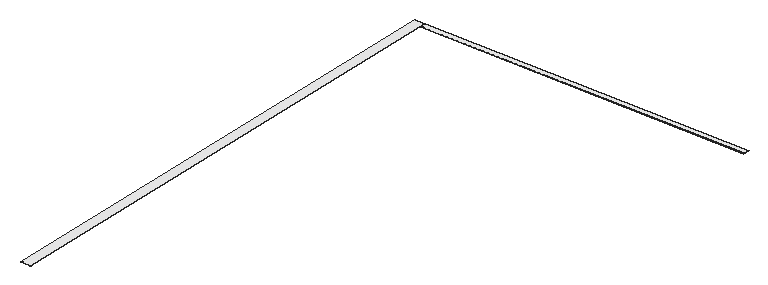
Revit family "Place Parking Interieur PMR", category Parking, Revit 2018
Family settings
  Basée sur le plan de construction = Non
  Toujours verticalement = Non
  Couper avec des vides une fois chargée = Non
  Partagée = Non
Parameters (values of type "PAR_INT_PMR")
  Angle = 90.00°
  Parking Length = 4800 mm
  Parking Width = 3200 mm
  pl = 4800 mm
  pw = 3200 mm
Reference planes
  plane 1 "Center (Front/Back)": y = 0
  plane 2: z = 0
  plane 3 "Center (Left/Right)": x = 0
  plane 4: y = -304.8
Forms (mm)
  Sweep 1, solid, material "Blanc"
    path in 3D
      loop
        line (0, 0, 0) -> (0, -4800, 0)
    profile origin (0, -2400, 0) x (1, 0, 0) y (0, 0, 1)
      loop
        line (-50.8, 0) -> (50.8, 0) -> (50.8, 3.175) -> (-50.8, 3.175) -> (-50.8, 0)
  Extrusion 2, solid, material "Blanc"
    sketch origin (0, 0, 0) x (1, 0, 0) y (0, 1, 0)
      loop
        line (50.8, 0) -> (50.8, -50) -> (3200, -50) -> (3200, 0) -> (50.8, 0)
    from 0 to 3.2
Lines and regions (mm)
  model lines, style "Reference Line"
    curve 1: line (3200, 0, 0) -> (3200, -4800, 0)
  model lines, style "Parking Layout"
    curve 2: line (3200, 0, 0) -> (0, 0, 0)
    curve 3: line (0, 0, 0) -> (0, -4800, 0)
  sketch lines
    curve 4: line (0, 0, 0) -> (0, -4800, 0)
Dimensions and locks
  "pw": curve 3 to curve 2
  "pl": curve 2 to curve 1
  "Angle": angle curve 3 to plane 4
  "Angle": angle curve 1 to plane 4
  aligned and locked: plane 1 "Center (Front/Back)" to curve 1
  aligned and locked: plane 3 "Center (Left/Right)" to curve 2
  aligned and locked: plane 1 "Center (Front/Back)" to curve 3
Automatic sketch dimensions
  curve 3 to curve 1 = 0 mm
  profile plane to Sweep 1 sketch curve = 50.8 mm
  Sweep 1 sketch curve to profile plane = 50.8 mm
  Sweep 1 sketch curve to Sweep 1 sketch curve = 3.175 mm
  plane 1 "Center (Front/Back)" to Extrusion 2 sketch curve = 0 mm
  plane 1 "Center (Front/Back)" to Extrusion 2 sketch curve = 50 mm
  plane 3 "Center (Left/Right)" to Extrusion 2 sketch curve = 3200 mm
  plane 3 "Center (Left/Right)" to Extrusion 2 sketch curve = 50.8 mm
